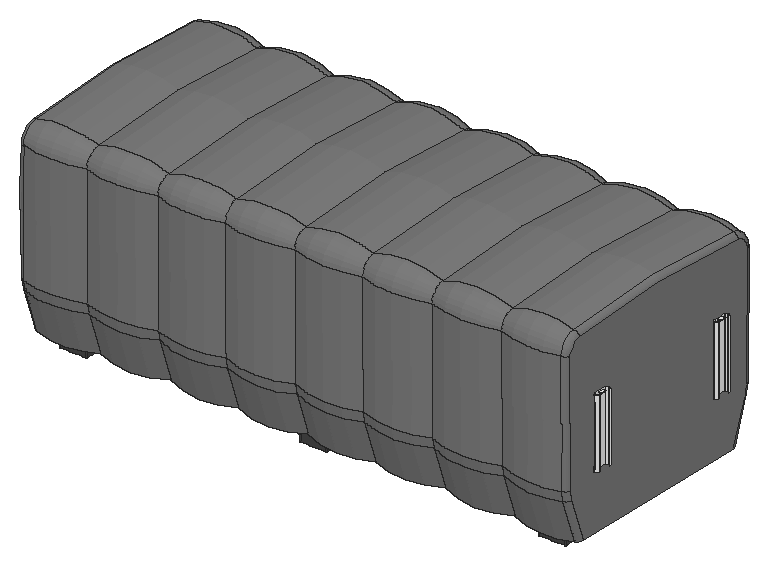
Revit family "Chair-Soft_Seating-Allermuir-Haven_Bench-HAB100E", category Furniture, Revit 2012
Parameters (values of type "HAB100E")
  ecoScorecard_data = "http://thesenatorgroup.ecoscorecard.com/product/HAB100E"
  ecoScorecard Product Page = "http://products.ecoscorecard.com/allermuir/HAB100E?action=html"
  Width = 0"
  Weight = 0.0 lbf
  Upholstered Seat = "No"
  Upholstered Back = "No"
  URL = "http://www.allermuir.net/Default.aspx"
  Subcategory = "Soft Seating"  # constant formula
  Stacks = no
  Specifications URL = ""
  Side Bracket = Metal - Allermuir - Chrome - Polished
  Seat or Top = Fabric - Allermuir - Silcoates
  Product Page URL = "http://www.allermuir.net/Products.aspx?RangeId=495"
  Product Line = "Haven Bench"  # constant formula
  Pricing URL = ""
  Plugin Data URL = "http://products.ecoscorecard.com/thesenatorgroup/HAB100E"
  Plastic Arms in Black = "No"
  Model = "HAB100E"  # constant formula
  Manufacturer Phone - Toll Free = "(888) 887 5806"  # constant formula
  Manufacturer Phone = "(419) 887 5806"  # constant formula
  Manufacturer Fax = "(419) 887 5805"  # constant formula
  Manufacturer Email = "mailto:contact@allermuir-na.com"
  Manufacturer Address = "1630 Holland Road, Maumee, Ohio 43537 "  # constant formula
  Manufacturer = "Allermuir"  # constant formula
  LEED Stats URL = ""
  Height = 0"
  Fabric Spec Sheets = "http://www.allermuir.net/Services/File.ashx?Type=B&Id=51"
  Description = ""
  Depth = 0"
  Color Availability = "See price list for material options"  # constant formula
  CAD Blocks URL = ""
  Brochure URL = ""
  Base = Plastic - Allermuir - Black
  Assembly Code = "E2020200"
  95 CSI = "12510"  # constant formula
  04 CSI = "12 51 00"  # constant formula
Reference planes (in)
  plane 1 "Center Front/Back": y = 0
  plane 2: z = 0
  plane 3 "Center Left/Right": x = 0
  plane 4: z = 18.35938
  plane 5: x = 23.54822
  plane 6: x = -23.54822
  plane 7: y = 10.69473
  plane 8: y = -10.69473
Dimensions and locks (in)
  plane 4 to level = 18 23/64"
  equal spacing: plane 6, plane 3 "Center Left/Right", plane 5
  plane 6 to plane 5 = 47.09643"
  equal spacing: plane 7, plane 1 "Center Front/Back", plane 8
  aligned and locked: plane 6 to nested 1
  aligned and locked: plane 1 "Center Front/Back" to nested 1
  aligned and locked: plane 8 to nested 1
  aligned and locked: plane 4 to nested 1
Nested families (in)
  nested 1: "HAB100E" at (0.04541, 0, 0), type "HAB100E"
Definition of nested family "HAB100E"
  Parameters (values of type "HAB100E")
    URL = "http://www.allermuir.net/Default.aspx"
    Side Stand = Metal - Allermuir - Chrome - Polished
    Seat = Fabric - Allermuir - Silcoates
    Model = ""
    Manufacturer = "Allermuir"  # constant formula
    Stand = Plastic - Allermuir - Black
    Description = ""
    Assembly Code = "E2020200"
  Reference planes (in)
    plane 1 "Center Front/Back": y = 0
    plane 2: z = 0
    plane 3 "Center Left/Right": x = 0
    plane 4: y = 10.69473
    plane 5: y = -10.69473
    plane 6: z = 18.35938
    plane 7: x = -23.59363
    plane 8: x = 23.59363
  Forms (in)
    Sweep 1, solid, material "Fabric - Allermuir - Silcoates" <- "Seat"
      path origin (0, 0, 0) x (0, 1, 0) y (0, 0, 1)
        loop
          arc (8.87461, 0.96094) -> (9.53566, 2.78289) -> (10.13399, 4.6264) r 56.64354
          arc (10.13399, 4.6264) -> (10.25253, 5.09355) -> (10.32555, 5.56994) r 5
          arc (10.32555, 5.56994) -> (10.61327, 10.83959) -> (10.38059, 16.11195) r 53.52058
          arc (10.38059, 16.11195) -> (9.81768, 17.32528) -> (8.61591, 17.91249) r 2
          arc (8.61591, 17.91249) -> (-0.00186, 18.3998) -> (-8.61907, 17.90269) r 75.68169
          arc (-8.61907, 17.90269) -> (-9.8195, 17.31479) -> (-10.38152, 16.10203) r 2
          arc (-10.38152, 16.10203) -> (-10.61324, 10.83461) -> (-10.32555, 5.56994) r 53.52058
          arc (-10.32555, 5.56994) -> (-10.25253, 5.09355) -> (-10.13399, 4.6264) r 5
          arc (-10.13399, 4.6264) -> (-9.53566, 2.78289) -> (-8.87461, 0.96094) r 56.64354
      profile origin (0, -0.00186, 18.3998) x (0, 0.000569, -1) y (1, 0, 0)
        loop
          arc (0.41163, -23.15625) -> (0.57317, -23.42708) -> (0.84094, -23.59363) r 0.66797
          line (0.84094, -23.59363) -> (0.84094, 23.59363)
          arc (0.84094, 23.59363) -> (0.5612, 23.42663) -> (0.39399, 23.14702) r 0.66669
          arc (0.39399, 23.14702) -> (0.05221, 20.48428) -> (0.58881, 17.85386) r 8.19934
          arc (0.58881, 17.85386) -> (0.04726, 14.82271) -> (0.66197, 11.80553) r 8.19934
          arc (0.66197, 11.80553) -> (0.04855, 8.86509) -> (0.53527, 5.90105) r 8.19934
          arc (0.53527, 5.90105) -> (0.04851, 2.93886) -> (0.66056, 0) r 8.19934
          arc (0.66056, 0) -> (0.0484, -2.944) -> (0.53877, -5.91072) r 8.19934
          arc (0.53877, -5.91072) -> (0.04835, -8.87456) -> (0.65837, -11.81611) r 8.19934
          arc (0.65837, -11.81611) -> (0.04738, -14.81576) -> (0.5792, -17.83044) r 8.19934
          arc (0.5792, -17.83044) -> (0.05072, -20.47935) -> (0.41163, -23.15625) r 8.19934
    Extrusion 2, solid, material "Fabric - Allermuir - Silcoates" <- "Seat"
      sketch origin (0, 0, 0) x (0, 1, 0) y (0, 0, 1)
        loop
          arc (8.52064, 17.07696) -> (-0.00138, 17.55886) -> (-8.52284, 17.06727) r 74.84075
          arc (-8.52284, 17.06727) -> (-9.21852, 16.72657) -> (-9.54423, 16.02374) r 1.15906
          arc (-9.54423, 16.02374) -> (-9.77231, 10.83908) -> (-9.48914, 5.65713) r 52.67964
          arc (-9.48914, 5.65713) -> (-9.4284, 5.26086) -> (-9.3298, 4.87228) r 4.15906
          arc (-9.3298, 4.87228) -> (-8.72639, 3.01557) -> (-8.05841, 1.1811) r 55.8026
          line (-8.05841, 1.1811) -> (8.05841, 1.1811)
          arc (8.05841, 1.1811) -> (8.72639, 3.01557) -> (9.3298, 4.87228) r 55.8026
          arc (9.3298, 4.87228) -> (9.4284, 5.26086) -> (9.48914, 5.65713) r 4.15906
          arc (9.48914, 5.65713) -> (9.77233, 10.84398) -> (9.54332, 16.03349) r 52.67964
          arc (9.54332, 16.03349) -> (9.21709, 16.73666) -> (8.52064, 17.07696) r 1.15906
      from -23.59363 to 23.59363
    Extrusion 3, solid, material "Metal - Allermuir - Chrome - Polished" <- "Side Stand"
      sketch origin (-0.02849, 2.40376, 0) x (1, 0, 0) y (0, 1, 0)
        loop
          arc (23.87515, 4.7566) -> (23.823, 4.76649) -> (23.77698, 4.74005) r 0.07644
          line (23.77698, 4.74005) -> (23.63834, 4.57367)
          arc (23.63834, 4.57367) -> (23.62625, 4.55259) -> (23.62205, 4.52866) r 0.07031
          line (23.62205, 4.52866) -> (23.62205, 3.47769)
          arc (23.62205, 3.47769) -> (23.6264, 3.45299) -> (23.63894, 3.43127) r 0.07226
          line (23.63894, 3.43127) -> (23.77666, 3.26703)
          arc (23.77666, 3.26703) -> (23.82365, 3.24017) -> (23.87683, 3.2503) r 0.07813
          line (23.87683, 3.2503) -> (24.11324, 3.39268) -> (24.08276, 3.44325) -> (23.84792, 3.30184)
          arc (23.84792, 3.30184) -> (23.83304, 3.29902) -> (23.81992, 3.30656) r 0.0218
          line (23.81992, 3.30656) -> (23.69251, 3.45947)
          arc (23.69251, 3.45947) -> (23.68426, 3.47383) -> (23.6814, 3.49014) r 0.04791
          line (23.6814, 3.49014) -> (23.6814, 4.51613)
          arc (23.6814, 4.51613) -> (23.6842, 4.53209) -> (23.69227, 4.54614) r 0.04688
          line (23.69227, 4.54614) -> (23.81903, 4.69826)
          arc (23.81903, 4.69826) -> (23.83314, 4.70637) -> (23.84913, 4.70333) r 0.02344
          line (23.84913, 4.70333) -> (24.08276, 4.56263) -> (24.11324, 4.61321) -> (23.87515, 4.7566)
      from 6.15113 to 12.05664
    Extrusion 4, solid, material "Metal - Allermuir - Chrome - Polished" <- "Side Stand"
      sketch origin (-0.02849, 2.40376, 0) x (1, 0, 0) y (0, 1, 0)
        loop
          line (23.6814, 4.239) -> (23.6814, 3.76767) -> (24.03544, 3.76767) -> (24.03544, 4.239) -> (23.6814, 4.239)
      from 11.99759 to 12.05664
    Extrusion 5, solid, material "Metal - Allermuir - Chrome - Polished" <- "Side Stand"
      sketch origin (-0.02849, -10.42334, 0) x (1, 0, 0) y (0, 1, 0)
        loop
          arc (23.87515, 4.7566) -> (23.823, 4.76649) -> (23.77698, 4.74005) r 0.07644
          line (23.77698, 4.74005) -> (23.63834, 4.57367)
          arc (23.63834, 4.57367) -> (23.62625, 4.55259) -> (23.62205, 4.52866) r 0.07031
          line (23.62205, 4.52866) -> (23.62205, 3.47769)
          arc (23.62205, 3.47769) -> (23.6264, 3.45299) -> (23.63894, 3.43127) r 0.07226
          line (23.63894, 3.43127) -> (23.77666, 3.26703)
          arc (23.77666, 3.26703) -> (23.82365, 3.24017) -> (23.87683, 3.2503) r 0.07813
          line (23.87683, 3.2503) -> (24.11324, 3.39268) -> (24.08276, 3.44325) -> (23.84792, 3.30184)
          arc (23.84792, 3.30184) -> (23.83304, 3.29902) -> (23.81992, 3.30656) r 0.0218
          line (23.81992, 3.30656) -> (23.69251, 3.45947)
          arc (23.69251, 3.45947) -> (23.68426, 3.47383) -> (23.6814, 3.49014) r 0.04791
          line (23.6814, 3.49014) -> (23.6814, 4.51613)
          arc (23.6814, 4.51613) -> (23.6842, 4.53209) -> (23.69227, 4.54614) r 0.04688
          line (23.69227, 4.54614) -> (23.81903, 4.69826)
          arc (23.81903, 4.69826) -> (23.83314, 4.70637) -> (23.84913, 4.70333) r 0.02344
          line (23.84913, 4.70333) -> (24.08276, 4.56263) -> (24.11324, 4.61321) -> (23.87515, 4.7566)
      from 6.15113 to 12.05664
    Extrusion 6, solid, material "Metal - Allermuir - Chrome - Polished" <- "Side Stand"
      sketch origin (-0.02849, -10.42334, 0) x (1, 0, 0) y (0, 1, 0)
        loop
          line (23.6814, 4.239) -> (23.6814, 3.76767) -> (24.03544, 3.76767) -> (24.03544, 4.239) -> (23.6814, 4.239)
      from 11.99759 to 12.05664
    Extrusion 7, solid, material "Metal - Allermuir - Chrome - Polished" <- "Side Stand"
      sketch origin (-0.02849, 10.3999, 0) x (1, 0, 0) y (0, 1, 0)
        loop
          line (23.6814, -4.239) -> (24.03544, -4.239) -> (24.03544, -3.76767) -> (23.6814, -3.76767) -> (23.6814, -4.239)
      from 11.99759 to 12.05664
  Cuts and joins
    joined: Sweep 1, Extrusion 2
    joined: Extrusion 3, Extrusion 4
  Lines and regions (in)
    symbolic lines, style "Sofa"
      curve 1: line (-23.59363, 9.75406, 0) -> (-23.59363, -9.77749, 0)
      curve 2: line (-17.83044, 10.00966, 0) -> (-17.83044, -10.0331, 0)
      curve 3: line (-11.81611, 9.93709, 0) -> (-11.81611, -9.96052, 0)
      curve 4: line (23.59363, 9.75406, 0) -> (23.59363, -9.77749, 0)
      curve 5: line (-5.91072, 10.05005, 0) -> (-5.91072, -10.07349, 0)
      curve 6: line (0, 9.93492, 0) -> (0, -9.95836, 0)
      curve 7: line (5.90105, -10.07699, 0) -> (5.90105, 10.05355, 0)
      curve 8: line (11.80553, -9.95696, 0) -> (11.80553, 9.93352, 0)
      curve 9: line (17.85386, -10.02518, 0) -> (17.85386, 10.00005, 0)
      curve 10: arc (-17.83044, -10.0331, 0) -> (-20.48381, -10.5626, 0) -> (-23.16545, -10.2027, 0) r 8.22693
      curve 11: arc (-23.16545, -10.2027, 0) -> (-23.28758, -10.14983, 0) -> (-23.39525, -10.07161, 0) r 0.60664
      curve 12: arc (-23.39525, -10.07161, 0) -> (-23.51283, -9.93695, 0) -> (-23.59363, -9.77749, 0) r 0.72042
      curve 13: arc (-17.83044, -10.0331, 0) -> (-14.81641, -10.56615, 0) -> (-11.81611, -9.96052, 0) r 8.22693
      curve 14: arc (-5.91072, -10.07349, 0) -> (-8.8739, -10.56525, 0) -> (-11.81611, -9.96052, 0) r 8.22693
      curve 15: arc (-5.91072, -10.07349, 0) -> (-2.94466, -10.56519, 0) -> (0, -9.95836, 0) r 8.22693
      curve 16: arc (5.90105, -10.07699, 0) -> (2.93952, -10.56509, 0) -> (0, -9.95836, 0) r 8.22693
      curve 17: arc (5.78245, -10.0331, 0) -> (8.80121, -10.56609, 0) -> (11.80553, -9.95696, 0) r 8.22693
      curve 18: arc (17.82953, -10.03275, 0) -> (14.81035, -10.5661, 0) -> (11.80553, -9.95696, 0) r 8.22693
      curve 19: arc (17.82953, -10.03275, 0) -> (20.48332, -10.56258, 0) -> (23.16545, -10.2027, 0) r 8.22693
      curve 20: arc (23.16545, -10.2027, 0) -> (23.28758, -10.14983, 0) -> (23.39525, -10.07161, 0) r 0.60664
      curve 21: arc (23.39525, -10.07161, 0) -> (23.51283, -9.93695, 0) -> (23.59363, -9.77749, 0) r 0.72042
      curve 22: arc (-17.83044, 10.00966, 0) -> (-20.48381, 10.53916, 0) -> (-23.16545, 10.17926, 0) r 8.22693
      curve 23: arc (-23.16545, 10.17926, 0) -> (-23.28758, 10.12639, 0) -> (-23.39525, 10.04817, 0) r 0.60664
      curve 24: arc (-23.39525, 10.04817, 0) -> (-23.51283, 9.91352, 0) -> (-23.59363, 9.75406, 0) r 0.72042
      curve 25: arc (-17.83044, 10.00966, 0) -> (-14.81641, 10.54271, 0) -> (-11.81611, 9.93709, 0) r 8.22693
      curve 26: arc (-5.91072, 10.05005, 0) -> (-8.8739, 10.54181, 0) -> (-11.81611, 9.93709, 0) r 8.22693
      curve 27: arc (-5.91072, 10.05005, 0) -> (-2.94466, 10.54175, 0) -> (0, 9.93492, 0) r 8.22693
      curve 28: arc (5.90105, 10.05355, 0) -> (2.93952, 10.54165, 0) -> (0, 9.93492, 0) r 8.22693
      curve 29: arc (5.78245, 10.00966, 0) -> (8.80121, 10.54266, 0) -> (11.80553, 9.93352, 0) r 8.22693
      curve 30: arc (17.85386, 10.00005, 0) -> (14.82336, 10.54282, 0) -> (11.80553, 9.93352, 0) r 8.22693
      curve 31: arc (17.82953, 10.00931, 0) -> (20.48332, 10.53914, 0) -> (23.16545, 10.17926, 0) r 8.22693
      curve 32: arc (23.16545, 10.17926, 0) -> (23.28758, 10.12639, 0) -> (23.39525, 10.04817, 0) r 0.60664
      curve 33: arc (23.39525, 10.04817, 0) -> (23.51283, 9.91352, 0) -> (23.59363, 9.75406, 0) r 0.72042
    symbolic lines, style "Side Bracket"
      curve 34: line (23.82064, 7.10709, 0) -> (24.05427, 6.96639, 0)
      curve 35: line (24.05427, 6.96639, 0) -> (24.08475, 7.01697, 0)
      curve 36: line (24.08475, 7.01697, 0) -> (23.84666, 7.16036, 0)
      curve 37: arc (23.84666, 7.16036, 0) -> (23.79451, 7.17025, 0) -> (23.74849, 7.14381, 0) r 0.07644
      curve 38: line (23.74849, 7.14381, 0) -> (23.60985, 6.97743, 0)
      curve 39: arc (23.60985, 6.97743, 0) -> (23.59776, 6.95636, 0) -> (23.59356, 6.93242, 0) r 0.07031
      curve 40: line (23.59356, 6.93242, 0) -> (23.59356, 5.88145, 0)
      curve 41: arc (23.59356, 5.88145, 0) -> (23.59791, 5.85675, 0) -> (23.61045, 5.83503, 0) r 0.07226
      curve 42: line (23.61045, 5.83503, 0) -> (23.74817, 5.67079, 0)
      curve 43: arc (23.74817, 5.67079, 0) -> (23.79516, 5.64393, 0) -> (23.84833, 5.65406, 0) r 0.07813
      curve 44: line (23.84833, 5.65406, 0) -> (24.08475, 5.79644, 0)
      curve 45: line (24.08475, 5.79644, 0) -> (24.05427, 5.84701, 0)
      curve 46: line (24.05427, 5.84701, 0) -> (23.81942, 5.7056, 0)
      curve 47: arc (23.81942, 5.7056, 0) -> (23.80455, 5.70278, 0) -> (23.79143, 5.71032, 0) r 0.0218
      curve 48: line (23.79143, 5.71032, 0) -> (23.66401, 5.86323, 0)
      curve 49: arc (23.66401, 5.86323, 0) -> (23.65577, 5.87759, 0) -> (23.65291, 5.8939, 0) r 0.04791
      curve 50: line (23.65291, 5.8939, 0) -> (23.65291, 6.1609, 0)
      curve 51: line (24.00694, 6.17143, 0) -> (24.00694, 6.64276, 0)
      curve 52: line (24.00694, 6.64276, 0) -> (23.65291, 6.64276, 0)
      curve 53: line (23.65291, 6.64276, 0) -> (23.65291, 6.91989, 0)
      curve 54: arc (23.65291, 6.91989, 0) -> (23.65571, 6.93585, 0) -> (23.66378, 6.9499, 0) r 0.04688
      curve 55: line (23.66378, 6.9499, 0) -> (23.79054, 7.10202, 0)
      curve 56: arc (23.79054, 7.10202, 0) -> (23.80465, 7.11013, 0) -> (23.82064, 7.10709, 0) r 0.02344
      curve 57: line (24.00694, 6.63223, 0) -> (23.65291, 6.63223, 0)
      curve 58: line (23.65291, 6.63223, 0) -> (23.65291, 6.17143, 0)
      curve 59: line (23.65291, 6.17143, 0) -> (24.00694, 6.17143, 0)
      curve 60: line (23.65291, 6.1609, 0) -> (24.00694, 6.1609, 0)
      curve 61: line (23.82064, -7.12076, 0) -> (24.05427, -6.98006, 0)
      curve 62: line (24.05427, -6.98006, 0) -> (24.08475, -7.03065, 0)
      curve 63: line (24.08475, -7.03065, 0) -> (23.84666, -7.17403, 0)
      curve 64: arc (23.84666, -7.17403, 0) -> (23.79451, -7.18393, 0) -> (23.74849, -7.15748, 0) r 0.07644
      curve 65: line (23.74849, -7.15748, 0) -> (23.60985, -6.9911, 0)
      curve 66: arc (23.60985, -6.9911, 0) -> (23.59776, -6.97003, 0) -> (23.59356, -6.94609, 0) r 0.07031
      curve 67: line (23.59356, -6.94609, 0) -> (23.59356, -5.89513, 0)
      curve 68: arc (23.59356, -5.89513, 0) -> (23.59791, -5.87042, 0) -> (23.61045, -5.8487, 0) r 0.07226
      curve 69: line (23.61045, -5.8487, 0) -> (23.74817, -5.68446, 0)
      curve 70: arc (23.74817, -5.68446, 0) -> (23.79516, -5.6576, 0) -> (23.84833, -5.66773, 0) r 0.07813
      curve 71: line (23.84833, -5.66773, 0) -> (24.08475, -5.81011, 0)
      curve 72: line (24.08475, -5.81011, 0) -> (24.05427, -5.86069, 0)
      curve 73: line (24.05427, -5.86069, 0) -> (23.81942, -5.71927, 0)
      curve 74: arc (23.81942, -5.71927, 0) -> (23.80455, -5.71645, 0) -> (23.79143, -5.724, 0) r 0.0218
      curve 75: line (23.79143, -5.724, 0) -> (23.66401, -5.8769, 0)
      curve 76: arc (23.66401, -5.8769, 0) -> (23.65577, -5.89126, 0) -> (23.65291, -5.90757, 0) r 0.04791
      curve 77: line (23.65291, -5.90757, 0) -> (23.65291, -6.17457, 0)
      curve 78: line (24.00694, -6.1851, 0) -> (24.00694, -6.65643, 0)
      curve 79: line (24.00694, -6.65643, 0) -> (23.65291, -6.65643, 0)
      curve 80: line (23.65291, -6.65643, 0) -> (23.65291, -6.93357, 0)
      curve 81: arc (23.65291, -6.93357, 0) -> (23.65571, -6.94952, 0) -> (23.66378, -6.96357, 0) r 0.04688
      curve 82: line (23.66378, -6.96357, 0) -> (23.79054, -7.11569, 0)
      curve 83: arc (23.79054, -7.11569, 0) -> (23.80465, -7.1238, 0) -> (23.82064, -7.12076, 0) r 0.02344
      curve 84: line (24.00694, -6.6459, 0) -> (23.65291, -6.6459, 0)
      curve 85: line (23.65291, -6.6459, 0) -> (23.65291, -6.1851, 0)
      curve 86: line (23.65291, -6.1851, 0) -> (24.00694, -6.1851, 0)
      curve 87: line (23.65291, -6.17457, 0) -> (24.00694, -6.17457, 0)
  Dimensions and locks (in)
    plane 4 to plane 5 = 21.38946"
    plane 6 to level = 18 23/64"
    equal spacing: plane 7, plane 3 "Center Left/Right", plane 8
    aligned and locked: Extrusion 2 to Sweep 1  (x2)
    aligned and locked: plane 8 to Sweep 1 sketch curve
  Automatic sketch dimensions
    plane 6 to Sweep 1 sketch curve = 2.82908"
    plane 5 to Sweep 1 sketch curve = 33.33943"
    Sweep 1 sketch curve to Sweep 1 sketch curve = 1.12758"
    Sweep 1 sketch curve to plane 5 = 0.31321"
    Sweep 1 sketch curve to Sweep 1 sketch curve = 0"  (x14)
    Sweep 1 sketch curve to plane 5 = 0.36918"
    Sweep 1 sketch curve to plane 5 = 0.56074"
    level to Sweep 1 sketch curve = 123/128"
    Sweep 1 sketch curve to plane 5 = 1.82012"
    Sweep 1 sketch curve to plane 6 = 0.45669"
    Sweep 1 sketch curve to plane 5 = 2.07566"
    Sweep 1 sketch curve to Sweep 1 sketch curve = 0.22886"
    Sweep 1 sketch curve to Sweep 1 sketch curve = 4.97305"
    Sweep 1 sketch curve to plane 1 "Center Front/Back" = 0.04119"
    Sweep 1 sketch curve to plane 4 = 5.34224"
    Sweep 1 sketch curve to plane 4 = 2.30542"
    Sweep 1 sketch curve to plane 6 = 0.44689"
    Sweep 1 sketch curve to Sweep 1 sketch curve = 0.2266"
    Sweep 1 sketch curve to plane 4 = 1.82012"
    Sweep 1 sketch curve to plane 4 = 0.56074"
    Sweep 1 sketch curve to plane 4 = 0.36918"
    Sweep 1 sketch curve to Sweep 1 sketch curve = 1.99128"
    level to Sweep 1 sketch curve = 11.11903"
    Sweep 1 sketch curve to plane 3 "Center Left/Right" = 0"
    Sweep 1 sketch curve to profile plane = 0.39399"
    Sweep 1 sketch curve to profile plane = 0.41163"
    Sweep 1 sketch curve to profile plane = 0.53527"
    Sweep 1 sketch curve to profile plane = 0.53877"
    Sweep 1 sketch curve to profile plane = 0.5792"
    Sweep 1 sketch curve to profile plane = 0.58881"
    Sweep 1 sketch curve to profile plane = 0.65837"
    Sweep 1 sketch curve to profile plane = 0.66056"
    Sweep 1 sketch curve to profile plane = 0.66197"
    Sweep 1 sketch curve to Sweep 1 sketch curve = 0.44695"
    Sweep 1 sketch curve to Sweep 1 sketch curve = 0.63845"
    Sweep 1 sketch curve to Sweep 1 sketch curve = 0.63824"
    Sweep 1 sketch curve to Sweep 1 sketch curve = 7.65719"
    Sweep 1 sketch curve to plane 3 "Center Left/Right" = 3.1129"
    Sweep 1 sketch curve to Sweep 1 sketch curve = 7.58545"
    Sweep 1 sketch curve to Sweep 1 sketch curve = 7.66681"
    Sweep 1 sketch curve to Sweep 1 sketch curve = 5.59563"
    Sweep 1 sketch curve to Sweep 1 sketch curve = 6.21516"
    Sweep 1 sketch curve to Sweep 1 sketch curve = 5.8135"
    plane 3 "Center Left/Right" to Sweep 1 sketch curve = 3.1129"
    Sweep 1 sketch curve to Sweep 1 sketch curve = 5.5763"
    Sweep 1 sketch curve to Sweep 1 sketch curve = 6.23267"
    plane 6 to Extrusion 2 sketch curve = 2.82908"
    plane 5 to Extrusion 2 sketch curve = 33.33943"
    Extrusion 2 sketch curve to Extrusion 2 sketch curve = 1.12758"
    Extrusion 2 sketch curve to plane 5 = 1.1505"
    Extrusion 2 sketch curve to Extrusion 2 sketch curve = 0"  (x8)
    Extrusion 2 sketch curve to plane 5 = 1.20559"
    Extrusion 2 sketch curve to Extrusion 2 sketch curve = 0.15934"  (x2)
    Extrusion 2 sketch curve to Extrusion 2 sketch curve = 1.02139"
    Extrusion 2 sketch curve to Extrusion 2 sketch curve = 1.15402"
    level to Extrusion 2 sketch curve = 1.1811"
    Extrusion 2 sketch curve to plane 5 = 2.63632"
    Extrusion 2 sketch curve to Extrusion 2 sketch curve = 4.13664"
    Extrusion 2 sketch curve to plane 1 "Center Front/Back" = 0.04119"
    Extrusion 2 sketch curve to plane 4 = 5.34224"
    Extrusion 2 sketch curve to plane 4 = 2.63632"
    Extrusion 2 sketch curve to plane 4 = 2.30542"
    Extrusion 2 sketch curve to Extrusion 2 sketch curve = 0.13132"
    Extrusion 2 sketch curve to plane 4 = 1.36493"
    Extrusion 2 sketch curve to plane 4 = 1.15141"
    level to Extrusion 2 sketch curve = 11.11903"
    plane 8 to Extrusion 3 sketch curve = 0.00007"
    Extrusion 3 sketch curve to plane 8 = 0.01622"
    Extrusion 3 sketch curve to plane 8 = 0.01682"
    Extrusion 3 sketch curve to plane 8 = 0.05928"
    Extrusion 3 sketch curve to Extrusion 3 sketch curve = 0.01086"
    Extrusion 3 sketch curve to Extrusion 3 sketch curve = 0.01096"
    Extrusion 3 sketch curve to Extrusion 3 sketch curve = 0.0111"
    Extrusion 3 sketch curve to Extrusion 3 sketch curve = 0.0129"
    Extrusion 3 sketch curve to Extrusion 3 sketch curve = 0.03592"
    Extrusion 3 sketch curve to Extrusion 3 sketch curve = 0.03501"
    Extrusion 3 sketch curve to plane 8 = 0.15454"
    Extrusion 3 sketch curve to plane 8 = 0.15486"
    Extrusion 3 sketch curve to Extrusion 3 sketch curve = 0.04205"
    Extrusion 3 sketch curve to Extrusion 3 sketch curve = 0.04326"
    Extrusion 3 sketch curve to Extrusion 3 sketch curve = 0.01668"
    Extrusion 3 sketch curve to Extrusion 3 sketch curve = 0.0166"
    Extrusion 3 sketch curve to Extrusion 3 sketch curve = 0.00015"
    Extrusion 3 sketch curve to Extrusion 3 sketch curve = 0.00132"
    Extrusion 3 sketch curve to Extrusion 3 sketch curve = 0.01139"
    Extrusion 3 sketch curve to Extrusion 3 sketch curve = 0.01342"
    Extrusion 3 sketch curve to Extrusion 3 sketch curve = 0.02602"
    Extrusion 3 sketch curve to Extrusion 3 sketch curve = 0.02891"
    Extrusion 3 sketch curve to Extrusion 3 sketch curve = 0.23363"
    Extrusion 3 sketch curve to Extrusion 3 sketch curve = 0.23485"
    Extrusion 3 sketch curve to Extrusion 3 sketch curve = 0.03048"  (x2)
    Extrusion 3 sketch curve to plane 4 = 5.04067"
    Extrusion 3 sketch curve to Extrusion 3 sketch curve = 0.01673"
    Extrusion 3 sketch curve to Extrusion 3 sketch curve = 0.01538"
    Extrusion 3 sketch curve to Extrusion 3 sketch curve = 0.01066"
    Extrusion 3 sketch curve to Extrusion 3 sketch curve = 0.14238"
    Extrusion 3 sketch curve to Extrusion 3 sketch curve = 0.16424"
    Extrusion 3 sketch curve to Extrusion 3 sketch curve = 0.05058"  (x2)
    Extrusion 3 sketch curve to Extrusion 3 sketch curve = 0.01823"
    Extrusion 3 sketch curve to Extrusion 3 sketch curve = 1.026"
    Extrusion 3 sketch curve to Extrusion 3 sketch curve = 0.01253"
    Extrusion 3 sketch curve to Extrusion 3 sketch curve = 0.0465"
    Extrusion 3 sketch curve to Extrusion 3 sketch curve = 0.13711"
    Extrusion 3 sketch curve to Extrusion 3 sketch curve = 0.00786"
    Extrusion 3 sketch curve to Extrusion 3 sketch curve = 0.00715"
    Extrusion 3 sketch curve to Extrusion 3 sketch curve = 0.04179"
    Extrusion 4 sketch curve to plane 8 = 0.05928"
    Extrusion 4 sketch curve to Extrusion 4 sketch curve = 0.35403"
    Extrusion 4 sketch curve to plane 4 = 4.5233"
    Extrusion 4 sketch curve to Extrusion 4 sketch curve = 0.47133"
    plane 8 to Extrusion 5 sketch curve = 0.00007"
    Extrusion 5 sketch curve to plane 8 = 0.01622"
    Extrusion 5 sketch curve to plane 8 = 0.01682"
    Extrusion 5 sketch curve to plane 8 = 0.05928"
    Extrusion 5 sketch curve to Extrusion 5 sketch curve = 0.01086"
    Extrusion 5 sketch curve to Extrusion 5 sketch curve = 0.01096"
    Extrusion 5 sketch curve to Extrusion 5 sketch curve = 0.0111"
    Extrusion 5 sketch curve to Extrusion 5 sketch curve = 0.0129"
    Extrusion 5 sketch curve to Extrusion 5 sketch curve = 0.03592"
    Extrusion 5 sketch curve to Extrusion 5 sketch curve = 0.03501"
    Extrusion 5 sketch curve to plane 8 = 0.15454"
    Extrusion 5 sketch curve to plane 8 = 0.15486"
    Extrusion 5 sketch curve to Extrusion 5 sketch curve = 0.04205"
    Extrusion 5 sketch curve to Extrusion 5 sketch curve = 0.04326"
    Extrusion 5 sketch curve to Extrusion 5 sketch curve = 0.01668"
    Extrusion 5 sketch curve to Extrusion 5 sketch curve = 0.0166"
    Extrusion 5 sketch curve to Extrusion 5 sketch curve = 0.00015"
    Extrusion 5 sketch curve to Extrusion 5 sketch curve = 0.00132"
    Extrusion 5 sketch curve to Extrusion 5 sketch curve = 0.01139"
    Extrusion 5 sketch curve to Extrusion 5 sketch curve = 0.01342"
    Extrusion 5 sketch curve to Extrusion 5 sketch curve = 0.02602"
    Extrusion 5 sketch curve to Extrusion 5 sketch curve = 0.02891"
    Extrusion 5 sketch curve to Extrusion 5 sketch curve = 0.23363"
    Extrusion 5 sketch curve to Extrusion 5 sketch curve = 0.23485"
    Extrusion 5 sketch curve to Extrusion 5 sketch curve = 0.03048"  (x2)
    Extrusion 5 sketch curve to plane 5 = 3.52169"
    Extrusion 5 sketch curve to Extrusion 5 sketch curve = 0.01673"
    Extrusion 5 sketch curve to Extrusion 5 sketch curve = 0.01538"
    Extrusion 5 sketch curve to Extrusion 5 sketch curve = 0.01066"
    Extrusion 5 sketch curve to Extrusion 5 sketch curve = 0.14238"
    Extrusion 5 sketch curve to Extrusion 5 sketch curve = 0.16424"
    Extrusion 5 sketch curve to Extrusion 5 sketch curve = 0.05058"  (x2)
    Extrusion 5 sketch curve to Extrusion 5 sketch curve = 0.01823"
    Extrusion 5 sketch curve to Extrusion 5 sketch curve = 1.026"
    Extrusion 5 sketch curve to Extrusion 5 sketch curve = 0.01253"
    Extrusion 5 sketch curve to Extrusion 5 sketch curve = 0.0465"
    Extrusion 5 sketch curve to Extrusion 5 sketch curve = 0.13711"
    Extrusion 5 sketch curve to Extrusion 5 sketch curve = 0.00786"
    Extrusion 5 sketch curve to Extrusion 5 sketch curve = 0.00715"
    Extrusion 5 sketch curve to Extrusion 5 sketch curve = 0.04179"
    Extrusion 6 sketch curve to plane 8 = 0.05928"
    Extrusion 6 sketch curve to Extrusion 6 sketch curve = 0.35403"
    Extrusion 6 sketch curve to plane 5 = 4 5/128"
    Extrusion 6 sketch curve to Extrusion 6 sketch curve = 0.47133"
    Extrusion 7 sketch curve to plane 8 = 0.05928"
    Extrusion 7 sketch curve to Extrusion 7 sketch curve = 0.35403"
    Extrusion 7 sketch curve to plane 4 = 4.53383"
    Extrusion 7 sketch curve to Extrusion 7 sketch curve = 0.47133"
    curve 1 to plane 7 = 0"
    curve 28 to plane 3 "Center Left/Right" = 0"
    curve 4 to plane 8 = 0"
    plane 7 to curve 11 = 0.19838"
    plane 7 to curve 24 = 0.19838"
    curve 24 to curve 23 = 0.22979"
    curve 11 to curve 10 = 0.22979"
    curve 22 to curve 23 = 0"
    curve 11 to curve 10 = 0"
    plane 7 to curve 23 = 0.60664"
    plane 7 to curve 11 = 0.60664"
    curve 11 to curve 12 = 0.07142"
    curve 23 to curve 24 = 0.07142"
    plane 7 to curve 10 = 2.84842"
    plane 7 to curve 22 = 2.84842"
    curve 10 to plane 5 = 0.66163"
    curve 12 to curve 10 = 5.08513"
    curve 25 to plane 1 "Center Front/Back" = 2.31638"
    curve 22 to curve 25 = 5.82954"
    plane 1 "Center Front/Back" to curve 13 = 2.33982"
    curve 13 to curve 25 = 0"
    curve 14 to plane 5 = 0.73421"
    curve 26 to plane 1 "Center Front/Back" = 2.31638"
    curve 25 to curve 26 = 6.19912"
    curve 14 to curve 26 = 0"
    curve 26 to plane 4 = 0.64468"
    curve 3 to curve 26 = 5.90539"
    curve 15 to plane 5 = 0.62124"
    curve 27 to plane 1 "Center Front/Back" = 2.31638"
    curve 27 to plane 3 "Center Left/Right" = 3.10488"
    plane 1 "Center Front/Back" to curve 15 = 2.33982"
    curve 15 to plane 3 "Center Left/Right" = 3.10488"
    plane 3 "Center Left/Right" to curve 28 = 3.10488"
    plane 3 "Center Left/Right" to curve 16 = 3.10488"
    curve 29 to plane 4 = 0.68507"
    plane 3 "Center Left/Right" to curve 29 = 5.78245"
    curve 17 to plane 5 = 0.66163"
    plane 3 "Center Left/Right" to curve 17 = 5.78245"
    curve 29 to curve 7 = 0.1186"
    curve 28 to curve 7 = 0"
    plane 1 "Center Front/Back" to curve 17 = 2.33982"
    curve 16 to curve 17 = 5.59233"
    curve 29 to plane 1 "Center Front/Back" = 2.31638"
    curve 29 to curve 17 = 0"
    curve 29 to plane 4 = 0.76121"
    curve 30 to plane 1 "Center Front/Back" = 2.31638"
    curve 29 to curve 30 = 6.21663"
    curve 18 to curve 30 = 0"
    curve 18 to plane 5 = 0.66198"
    curve 18 to curve 4 = 5.7641"
    curve 31 to plane 4 = 0.68542"
    curve 31 to curve 9 = 0.02433"
    plane 8 to curve 31 = 2.84842"
    plane 8 to curve 19 = 2.84842"
    plane 8 to curve 21 = 0.67806"
    plane 8 to curve 33 = 0.67806"
    curve 33 to curve 32 = 0.07142"
    curve 21 to curve 20 = 0.07142"
    plane 8 to curve 20 = 0.42818"
    curve 19 to curve 20 = 0"
    curve 31 to plane 4 = 0.51547"
    curve 31 to curve 4 = 0.42818"
    curve 32 to curve 31 = 0"
    plane 8 to curve 32 = 0.19838"
    plane 8 to curve 20 = 0.19838"
    plane 8 to curve 67 = 0.00007"
    plane 8 to curve 41 = 0.00007"
    curve 66 to plane 8 = 0.01622"
    curve 39 to plane 8 = 0.01622"
    curve 41 to plane 8 = 0.01682"
    curve 69 to plane 8 = 0.01682"
    curve 85 to plane 8 = 0.05928"
    curve 87 to curve 85 = 0"
    curve 60 to plane 8 = 0.05928"
    curve 59 to curve 50 = 0"
    curve 81 to plane 8 = 0.05928"
    curve 54 to plane 8 = 0.05928"
    curve 80 to curve 81 = 0.01086"
    curve 54 to curve 54 = 0.01086"
    curve 80 to curve 66 = 0.01096"
    curve 54 to curve 39 = 0.01096"
    curve 77 to curve 75 = 0.0111"
    curve 50 to curve 49 = 0.0111"
    curve 77 to curve 68 = 0.0129"
    curve 50 to curve 41 = 0.0129"
    curve 39 to curve 54 = 0.03592"
    curve 66 to curve 81 = 0.03592"
    curve 68 to curve 76 = 0.03501"
    curve 41 to curve 49 = 0.03501"
    curve 70 to plane 8 = 0.15454"
    curve 42 to plane 8 = 0.15454"
    curve 37 to plane 8 = 0.15486"
    curve 65 to plane 8 = 0.15486"
    curve 37 to curve 56 = 0.04205"
    curve 64 to curve 83 = 0.04205"
    curve 43 to curve 47 = 0.04326"
    curve 69 to curve 74 = 0.04326"
    curve 82 to curve 64 = 0.01668"
    curve 55 to curve 37 = 0.01668"
    curve 48 to curve 43 = 0.0166"
    curve 75 to curve 70 = 0.0166"
    curve 43 to curve 47 = 0.00015"
    curve 70 to curve 74 = 0.00015"
    curve 64 to curve 83 = 0.00132"
    curve 37 to curve 56 = 0.00132"
    curve 70 to curve 74 = 0.01139"
    curve 43 to curve 47 = 0.01139"
    curve 64 to curve 61 = 0.01342"
    curve 37 to curve 34 = 0.01342"
    curve 34 to curve 36 = 0.02602"
    curve 61 to curve 64 = 0.02602"
    curve 47 to curve 44 = 0.02891"
    curve 73 to curve 71 = 0.02891"
    curve 84 to curve 84 = 0.35403"
    curve 50 to curve 60 = 0.35403"
    curve 59 to curve 60 = 0"
    curve 87 to curve 78 = 0"
    curve 46 to curve 46 = 0.23485"
    curve 61 to curve 61 = 0.23363"
    curve 34 to curve 34 = 0.23363"
    curve 73 to curve 73 = 0.23485"
    curve 73 to curve 71 = 0.03048"
    curve 61 to curve 63 = 0.03048"
    curve 45 to curve 45 = 0.03048"
    curve 34 to curve 35 = 0.03048"
    curve 16 to curve 17 = 0.0439"
    curve 19 to curve 19 = 0.16995"
    curve 11 to curve 13 = 0.1696"
    curve 19 to curve 9 = 0.00757"
    curve 20 to curve 21 = 0.29412"
    curve 12 to curve 1 = 0.29412"
    curve 21 to curve 64 = 2.36007"
    curve 63 to curve 65 = 0.01655"
    curve 61 to curve 64 = 0.01222"
    curve 83 to curve 64 = 0.00715"
    curve 63 to curve 63 = 0.14339"
    curve 64 to curve 66 = 0.16638"
    curve 62 to curve 61 = 0.05058"
    curve 82 to curve 66 = 0.01748"
    curve 61 to curve 78 = 0.32363"
    curve 78 to curve 84 = 0.01053"
    curve 84 to curve 86 = 0.4608"
    curve 78 to curve 87 = 0.01053"
    curve 77 to curve 77 = 0.267"
    curve 77 to curve 67 = 0.01244"
    curve 87 to curve 72 = 0.31388"
    curve 73 to curve 72 = 0.05058"
    curve 75 to curve 74 = 0.13895"
    curve 74 to curve 70 = 0.0033"
    curve 70 to curve 75 = 0.01066"
    curve 74 to curve 69 = 0.03954"
    curve 22 to plane 1 "Center Front/Back" = 2.31638"
    curve 43 to curve 32 = 3.9454"
    curve 43 to curve 42 = 0.01673"
    curve 46 to curve 43 = 0.01538"
    curve 47 to curve 43 = 0.01066"
    curve 43 to curve 44 = 0.14238"
    curve 43 to curve 41 = 0.16424"
    curve 44 to curve 45 = 0.05058"
    curve 49 to curve 41 = 0.01823"
    curve 45 to curve 60 = 0.31388"
    curve 60 to curve 51 = 0.01053"
    curve 51 to curve 57 = 0.4608"
    curve 57 to curve 51 = 0.01053"
    curve 52 to curve 53 = 0.27713"
    curve 54 to curve 39 = 0.01253"
    curve 51 to curve 34 = 0.32363"
    curve 34 to curve 36 = 0.05058"
    curve 54 to curve 56 = 0.13711"
    curve 56 to curve 37 = 0.00786"
    curve 37 to curve 56 = 0.00715"
    curve 55 to curve 37 = 0.04179"
    curve 24 to curve 23 = 0.0888"
    curve 33 to curve 32 = 0.0888"
  Nested families (in)
    nested 1: "Leg" at (20.5976, -6.6167, 0), type "PSM102"
    nested 2: "Leg" at (-20.5976, -6.6167, 0) x (-1, 0, 0) z (0, 0, 1), type "PSM102"
    nested 3: "Leg" at (20.5976, 6.6167, 0), type "PSM102"
    nested 4: "Leg" at (-20.5976, 6.6167, 0) x (-1, 0, 0) z (0, 0, 1), type "PSM102"
    nested 5: "Leg" at (-0.0274, 6.6167, 0), type "PSM102"
    nested 6: "Leg" at (0.00385, -6.6167, 0), type "PSM102"
  Definition of nested family "Leg"
    Parameters (values of type "PSM102")
      URL = ""
      Stand = none
      Stacks = no
      Model = ""
      Manufacturer = ""
      Description = ""
      Assembly Code = "E2020200"
    Reference planes (in)
      plane 1 "Center Front/Back": y = 0
      plane 2: z = 0
      plane 3 "Center Left/Right": x = 0
      plane 4: z = 1.1811
      plane 5: through (1.68179, 60.03512, 48) normal (1, -0.0075, 0)
      plane 6: through (-60.04651, 1.66009, 48) normal (0.0075, 1, 0)
      plane 7: through (-0.75471, 60.03512, 48) normal (1, -0.0075, 0)
      plane 8: through (-60.04651, -0.77642, 48) normal (0.0075, 1, 0)
    Forms (in)
      Blend 1, solid, material <- "Stand"
        base sketch origin (0, 0, 0) x (1, 0, 0) y (0, 1, 0)
          loop
            arc (-1.05046, 1.17679) -> (-1.12804, 1.14534) -> (-1.16066, 1.06825) r 0.10938
            line (-1.16066, 1.06825) -> (-1.17679, -1.07224)
            arc (-1.17679, -1.07224) -> (-1.14534, -1.14982) -> (-1.06824, -1.18244) r 0.10938
            line (-1.06824, -1.18244) -> (1.07224, -1.19857)
            arc (1.07224, -1.19857) -> (1.14982, -1.16712) -> (1.18244, -1.09003) r 0.10938
            line (1.18244, -1.09003) -> (1.19857, 1.05046)
            arc (1.19857, 1.05046) -> (1.16712, 1.12804) -> (1.09003, 1.16066) r 0.10938
            line (1.09003, 1.16066) -> (-1.05046, 1.17679)
        top sketch origin (0, 0, 0) x (1, 0, 0) y (0, 1, 0)
          loop
            arc (1.23744, 1.08874) -> (1.20599, 1.16632) -> (1.12889, 1.19894) r 0.10938
            line (1.12889, 1.19894) -> (-1.08874, 1.21566)
            arc (-1.08874, 1.21566) -> (-1.16632, 1.18421) -> (-1.19894, 1.10711) r 0.10938
            line (-1.19894, 1.10711) -> (-1.21566, -1.11052)
            arc (-1.21566, -1.11052) -> (-1.1842, -1.1881) -> (-1.10711, -1.22072) r 0.10938
            line (-1.10711, -1.22072) -> (1.11052, -1.23744)
            arc (1.11052, -1.23744) -> (1.1881, -1.20599) -> (1.22072, -1.12889) r 0.10938
            line (1.22072, -1.12889) -> (1.23744, 1.08874)
        from 0 to 1.1811
    Dimensions and locks (in)
      locked: plane 7 to plane 5 at 2.43644
      locked: plane 6 to plane 8 at 2.43645
      locked: plane 4 to level at 1.1811
